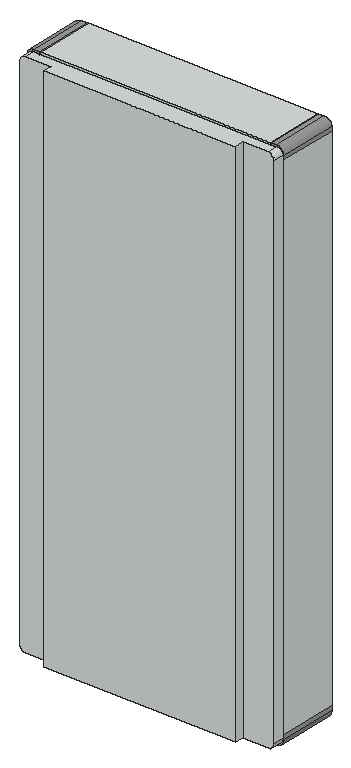
Revit family "Legrand Cabinet XL³ 400 Insulating", category Equipement électrique, Revit 2020
Family settings
  Configuration du panneau = Deux colonnes, circuits au sein
  Cote de connecteur circulaire = Utiliser le diamètre
  Type d'élément = Tableau de raccordement
  Numéro OmniClass = 23.80.30.11.17
  Titre OmniClass = Distribution Boards and Control Panels
  Basée sur le plan de construction = Non
  Toujours verticalement = Oui
  Couper avec des vides une fois chargée = Non
  Partagée = Non
  Point de calcul de pièce = Non
Parameters (values of type "020157-020257")
  built-in parameter 1140140 [instance] = 1 (stored number, unit not read)
  depth installation zone = 750 mm
  Material corner = "Plastic"  # constant formula
  Material = "Steel"  # constant formula
  width installation zone = 1245 mm
  height installation zone = [height (mm)]  # 1200 mm
  installation zone [instance] = yes
  URL = "https://www.legrand.fr/"
  depth (mm) = 175 mm
  handle Board = not(handle Cabinet)  # no
  handle Cabinet = yes
  Modèle = "XL³ 400 Isolant"
  width (mm) = 575 mm
  IPK (kA) = "52.5"
  IN (A) = "400"
  ICW (until) (kA) = "25"
  IP without door = "30"
  IP with door = "40"
  IK without door = "07"
  IK with door = "08"
  height (mm) = 1200 mm
  Finish = "Epoxipolyester paint deposited by electrostatic powder"
  General Conditions of Use = "https://export.legrand.com/en/terms-of-use-BIM-objects"
  Fabricant = "Legrand"  # constant formula
  RAL = "7035"
  Elévation par défaut = 0 mm
  built-in parameter 1140142 [instance] = -1
  built-in parameter 1155100 [instance] = -1
Types (6, lengths in mm): name | height installation zone | height (mm)
  (no name) | 1200 | 1200
  020153-020253 | 600 | 600
  020154-020254 | 750 | 750
  020155-020255 | 900 | 900
  020156-020256 | 1050 | 1050
  020157-020257 | 1200 | 1200
Reference planes
  plane 1 "Centre (avant/arrière)": y = 0
  plane 2: z = 0
  plane 3 "Centre (gauche/droite)": x = 0
  plane 4: y = 87.5
  plane 5: y = -87.5
  plane 6: x = -287.5
  plane 7: x = 287.5
  plane 8: z = 1200
  plane 9: z = 600
  plane 10: x = -257.5
  plane 11: z = 1175
  plane 12: z = 1183.5
  plane 13: x = -271
  plane 14: z = 1195
  plane 15: z = 5
  plane 16: x = 282.5
  plane 17: x = -282.5
  plane 18: y = 86.5
  plane 19: y = -44.5
  plane 20: z = 1196
  plane 21: x = 283.5
  plane 22: z = 4
  plane 23: x = -283.5
  plane 24: x = 272.5
  plane 25: x = -262.5
  plane 26: y = -68.5
Forms (mm)
  Extrusion 1, solid, material "IDS_PLASTIQUE"
    sketch origin (0, 0, 0) x (1, 0, 0) y (0, 0, 1)
      loop
        line (-287.5, 1175) -> (-257.5, 1175) -> (-257.5, 1200) -> (-271, 1200)
        arc (-271, 1200) -> (-282.667, 1195.167) -> (-287.5, 1183.5) r 16.5
        line (-287.5, 1183.5) -> (-287.5, 1175)
      loop
        line (287.5, 1175) -> (287.5, 1183.5)
        arc (287.5, 1183.5) -> (282.667, 1195.167) -> (271, 1200) r 16.5
        line (271, 1200) -> (257.5, 1200) -> (257.5, 1175) -> (287.5, 1175)
      loop
        line (-287.5, 25) -> (-287.5, 16.5)
        arc (-287.5, 16.5) -> (-282.667, 4.833) -> (-271, 0) r 16.5
        line (-271, 0) -> (-257.5, 0) -> (-257.5, 25) -> (-287.5, 25)
      loop
        line (287.5, 25) -> (257.5, 25) -> (257.5, 0) -> (271, 0)
        arc (271, 0) -> (282.667, 4.833) -> (287.5, 16.5) r 16.5
        line (287.5, 16.5) -> (287.5, 25)
    from -87.5 to 44.5
  Extrusion 2, solid, material "IDS_ACIER"
    sketch origin (0, 0, 0) x (1, 0, 0) y (0, 0, 1)
      loop
        line (-257.5, 1200) -> (-257.5, 1175) -> (257.5, 1175) -> (257.5, 1200) -> (-257.5, 1200)
      loop
        line (-257.5, 0) -> (257.5, 0) -> (257.5, 25) -> (-257.5, 25) -> (-257.5, 0)
    from -87.5 to 44.5
  Extrusion 3, solid, material "IDS_ACIER"
    sketch origin (0, 0, 0) x (1, 0, 0) y (0, 0, 1)
      loop
        line (-287.5, 1175) -> (-287.5, 25) -> (-257.5, 25) -> (-257.5, 1175) -> (-287.5, 1175)
      loop
        line (287.5, 1175) -> (257.5, 1175) -> (257.5, 25) -> (287.5, 25) -> (287.5, 1175)
    from -87.5 to 44.5
  Extrusion 4, solid, material "IDS_ACIER"
    sketch origin (0, 0, 0) x (1, 0, 0) y (0, 0, 1)
      loop
        line (-282.5, 1195) -> (-282.5, 5) -> (282.5, 5) -> (282.5, 1195) -> (-282.5, 1195)
    from -87.5 to -86.5
  Extrusion 5, solid, material "IDS_ACIER"
    sketch origin (0, 0, 0) x (1, 0, 0) y (0, 0, 1)
      loop
        line (-283.5, 1183.5) -> (-283.5, 16.5)
        arc (-283.5, 16.5) -> (-279.839, 7.661) -> (-271, 4) r 12.5
        line (-271, 4) -> (271, 4)
        arc (271, 4) -> (279.839, 7.661) -> (283.5, 16.5) r 12.5
        line (283.5, 16.5) -> (283.5, 1183.5)
        arc (283.5, 1183.5) -> (279.839, 1192.339) -> (271, 1196) r 12.5
        line (271, 1196) -> (-271, 1196)
        arc (-271, 1196) -> (-279.839, 1192.339) -> (-283.5, 1183.5) r 12.5
    from 44.5 to 68.5
  Extrusion 6, solid, material "IDS_ACIER"
    sketch origin (0, 0, 0) x (1, 0, 0) y (0, 1, 0)
      loop
        line (-214.5, -68.5) -> (-214.5, -87.5) -> (214.5, -87.5) -> (214.5, -68.5) -> (-214.5, -68.5)
    from 4 to 1196
Cuts and joins
  joined: Extrusion 2, Extrusion 3, Extrusion 4
  joined: Extrusion 5, Extrusion 6
Dimensions and locks
  equal spacing: plane 6, plane 3 "Centre (gauche/droite)", plane 7
  equal spacing: plane 4, plane 1 "Centre (avant/arrière)", plane 5
  "width (mm)": plane 6 to plane 7
  "depth (mm)": plane 4 to plane 5
  "height (mm)": plane 8 to plane 2
  equal spacing: plane 8, plane 9, plane 2
  locked: plane 10 to plane 6 at 30
  locked: plane 8 to plane 11 at 25
  locked: plane 13 to plane 6 at 16.5
  locked: plane 8 to plane 12 at 16.5
  locked: plane 8 to plane 14 at 5
  locked: plane 15 to plane 2 at 5
  locked: plane 17 to plane 6 at 5
  locked: plane 7 to plane 16 at 5
  locked: plane 18 to plane 4 at 1
  locked: plane 5 to plane 19 at 43
  locked: plane 7 to plane 21 at 4
  locked: plane 22 to plane 2 at 4
  equal spacing: plane 20, plane 9, plane 22
  equal spacing: plane 21, plane 3 "Centre (gauche/droite)", plane 23
  locked: plane 7 to plane 24 at 15
  locked: plane 25 to plane 6 at 25
  locked: plane 26 to plane 5 at 19
  Extrusion 6 sketch curve to Extrusion 6 sketch curve = 429 mm
  locked: plane 6 to Extrusion 6 sketch curve at 73
  aligned and locked: level to plane 2
  aligned and locked: plane 11 to Extrusion 1 sketch curve
  aligned and locked: Extrusion 1 sketch curve to plane 10
  aligned and locked: plane 6 to Extrusion 1 sketch curve
  aligned and locked: plane 4 to Extrusion 1
  aligned and locked: Extrusion 2 sketch curve to plane 8
  aligned and locked: Extrusion 2 sketch curve to Extrusion 1  (x3)
  aligned and locked: plane 4 to Extrusion 2
  aligned and locked: plane 6 to Extrusion 3 sketch curve
  aligned and locked: Extrusion 3 sketch curve to Extrusion 1  (x3)
  aligned and locked: plane 4 to Extrusion 3
  aligned and locked: Extrusion 4 sketch curve to plane 14
  aligned and locked: plane 17 to Extrusion 4 sketch curve
  aligned and locked: plane 15 to Extrusion 4 sketch curve
  aligned and locked: Extrusion 4 sketch curve to plane 16
  aligned and locked: plane 4 to Extrusion 4
  aligned and locked: Extrusion 1 to plane 19
  aligned and locked: Extrusion 1 to Extrusion 3
  aligned and locked: Extrusion 2 to Extrusion 1
  aligned and locked: Extrusion 5 sketch curve to plane 20
  aligned and locked: plane 23 to Extrusion 5 sketch curve
  aligned and locked: plane 22 to Extrusion 5 sketch curve
  aligned and locked: Extrusion 5 sketch curve to plane 21
  aligned and locked: plane 19 to Extrusion 5
  aligned and locked: cut or joined group of Extrusion 2, Extrusion 3, Extrusion 4 to plane 18
  aligned and locked: Extrusion 5 to plane 26
  aligned and locked: Extrusion 6 sketch curve to plane 26
  aligned and locked: Extrusion 6 sketch curve to plane 5
  aligned and locked: cut or joined group of Extrusion 5, Extrusion 6 to cut or joined group of Extrusion 5, Extrusion 6  (x2)
Automatic sketch dimensions
  Extrusion 1 sketch curve to plane 6 = 0 mm
  Extrusion 1 sketch curve to plane 8 = 0 mm  (x2)
  Extrusion 1 sketch curve to plane 13 = 0 mm
  plane 13 to Extrusion 1 sketch curve = 0 mm
  Extrusion 1 sketch curve to plane 10 = 0 mm
  Extrusion 1 sketch curve to level = 0 mm  (x2)
  Extrusion 1 sketch curve to plane 11 = 0 mm
  Extrusion 1 sketch curve to plane 12 = 0 mm
  Extrusion 1 sketch curve to plane 7 = 0 mm  (x2)
  Extrusion 1 sketch curve to Extrusion 1 sketch curve = 13.5 mm  (x2)
  Extrusion 1 sketch curve to plane 7 = 30 mm
  Extrusion 1 sketch curve to Extrusion 1 sketch curve = 8.5 mm  (x2)
  Extrusion 2 sketch curve to level = 0 mm
  plane 6 to Extrusion 2 sketch curve = 30 mm
  Extrusion 2 sketch curve to plane 7 = 30 mm
  level to Extrusion 2 sketch curve = 25 mm
  Extrusion 3 sketch curve to plane 7 = 0 mm
  Extrusion 3 sketch curve to plane 7 = 30 mm
  level to Extrusion 3 sketch curve = 25 mm
  Extrusion 3 sketch curve to plane 8 = 25 mm
  plane 6 to Extrusion 5 sketch curve = 16.5 mm
  Extrusion 5 sketch curve to Extrusion 5 sketch curve = 12.5 mm
  Extrusion 5 sketch curve to plane 7 = 16.5 mm  (x2)
Connectors
  electrical at (0, 87.5, 600)
    settings: on cut or joined group of Extrusion 2, Extrusion 3, Extrusion 4, index 1, voltage 0 V, apparent load 0 VA, apparent load phase1 0 VA, apparent load phase2 0 VA, apparent load phase3 0 VA, power factor 1, load classification "Autre", number of poles 1, system type 31, power factor state 1, is connector primary yes, connector utility no, sub classification motor no, connector description ""
